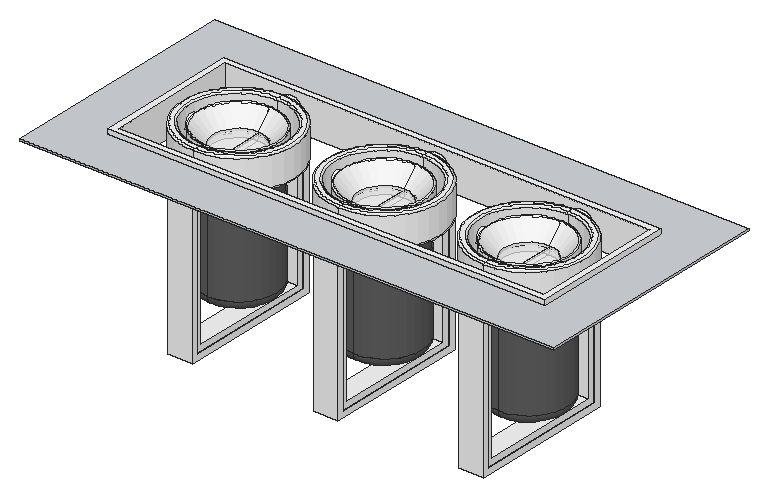
Revit family "Zaniboni-Diva-2_Inch_Aperture_40°-1", category Lighting Fixtures, host Face, Revit 2016
Family settings
  Host = Face
  Part Type = Normal
  Round Connector Dimension = Use Diameter
  Cut with Voids When Loaded = No
  Light Source = No
  Shared = No
  Room Calculation Point = No
Parameters (values of type "D1-D2TTN-0927A-2C-WS")
  Width = 2.99"
  Wattage Comments = "14W"
  Voltage = 120 V
  URL = "www.zanibonilighting.com"
  Type Comments = "Diva"  # constant formula
  Support Finish = ZBN - Metal Matte White
  Screen Finish = ZBN - Glass
  ST = RT  # yes
  SQ = RQ  # no
  SD = RD  # yes
  RT = yes
  RQ = no
  RD = yes
  Model = "D1-D2TTN-0927A-2C-WS"
  Mechanism Finish = ZBN - Plastic-Black
  Manufacturer = "Zaniboni"  # constant formula
  Length = 9"
  Keynote = "12500"
  Kelvin = "3000°K"
  Frame Finish = ZBN - Metal Matte White
  Diffuser Finish = ZBN - Metal Matte White
  Description = "2 inch 3 Light Sources Adjustable 40°"
  Default Elevation = 1"
  CRI = "80"
  Body Finish = ZBN - Metal Matte White
  Beam = "36°"
  Base Finish = ZBN - Metal Matte White
  Assembly Code = "E1020300"
Reference planes (in)
  plane 1 "Center (Front/Back)": y = 0
  plane 2: z = 0
  plane 3 "Center (Left/Right)": x = 0
  plane 4: x = 9
  plane 5: y = -2.99
  plane 6: x = 4.5
  plane 7: y = -1.495
Forms (in)
  Extrusion 1, void
    sketch origin (3.54686, -2.04724, 0) x (1, 0, 0) y (0, 1, 0)
      loop
        line (-3.54686, 2.04724) -> (-3.54686, -0.94276) -> (5.45314, -0.94276) -> (5.45314, 2.04724) -> (-3.54686, 2.04724)
    from -3.72047 to 0.5
  Extrusion 2, solid, material "ZBN - Metal Matte White" <- "Body Finish"
    sketch origin (2.99382, -1.49606, 0) x (1, 0, 0) y (0, 1, 0)
      loop
        line (-2.99382, 1.49606) -> (-2.99382, -1.49394) -> (6.00618, -1.49394) -> (6.00618, 1.49606) -> (-2.99382, 1.49606)
      loop
        line (5.88118, -1.36894) -> (5.88118, 1.37106) -> (-2.86882, 1.37106) -> (-2.86882, -1.36894) -> (5.88118, -1.36894)
    from -0.75 to 0
  Extrusion 3, solid
    sketch origin (0, 0, -0.86332) x (1, 0, 0) y (0, 1, 0)
      loop
        line (-1.00118, 1.00427) -> (-1.00118, -3.99427) -> (10.00118, -3.99427) -> (10.00118, 1.00427) -> (-1.00118, 1.00427)
      loop
        line (0, 0) -> (0, -2.99) -> (9, -2.99) -> (9, 0) -> (0, 0)
    from 0.74071 to 0.77271
Lines and regions (in)
  symbolic lines
    curve 1: line (0, 0, 0) -> (0, -2.99, 0)
    curve 2: line (9, 0, 0) -> (0, 0, 0)
    curve 3: line (9, -2.99, 0) -> (9, 0, 0)
    curve 4: line (0, -2.99, 0) -> (9, -2.99, 0)
    curve 5: line (0.125, -2.865, 0) -> (0.125, -0.125, 0)
    curve 6: line (0.125, -0.125, 0) -> (8.875, -0.125, 0)
    curve 7: line (8.875, -0.125, 0) -> (8.875, -2.865, 0)
    curve 8: line (8.875, -2.865, 0) -> (0.125, -2.865, 0)
  symbolic lines, style "LightingFixturesHiddenLines", detail levels fine
    curve 9: line (-1.00118, 1.00427, 0) -> (-1.00118, -3.99427, 0)
    curve 10: line (10.00118, 1.00427, 0) -> (-1.00118, 1.00427, 0)
    curve 11: line (10.00118, -3.99427, 0) -> (10.00118, 1.00427, 0)
    curve 12: line (-1.00118, -3.99427, 0) -> (10.00118, -3.99427, 0)
Dimensions and locks (in)
  locked: plane 3 "Center (Left/Right)" to Extrusion 2 sketch curve at 0.125
  locked: Extrusion 2 sketch curve to plane 4 at 0.125
  locked: Extrusion 2 sketch curve to plane 5 at 0.125
  locked: Extrusion 2 sketch curve to plane 1 "Center (Front/Back)" at 0.125
  "Length": plane 3 "Center (Left/Right)" to plane 4
  "Width": plane 5 to plane 1 "Center (Front/Back)"
  equal spacing: plane 3 "Center (Left/Right)", plane 6, plane 4
  equal spacing: plane 5, plane 7, plane 1 "Center (Front/Back)"
  locked: Extrusion 3 sketch curve to plane 3 "Center (Left/Right)" at 1.00118
  locked: plane 4 to Extrusion 3 sketch curve at 1.00118
  locked: plane 5 to Extrusion 3 sketch curve at 1.00427
  locked: plane 1 "Center (Front/Back)" to Extrusion 3 sketch curve at 1.00427
  aligned and locked: plane 2 to host face
  aligned and locked: level to host face
  aligned and locked: plane 3 "Center (Left/Right)" to Extrusion 2 sketch curve
  aligned and locked: plane 1 "Center (Front/Back)" to Extrusion 2 sketch curve
  aligned and locked: plane 4 to Extrusion 2 sketch curve
  aligned and locked: plane 5 to Extrusion 2 sketch curve
  aligned and locked: plane 3 "Center (Left/Right)" to Extrusion 1 sketch curve
  aligned and locked: Extrusion 1 sketch curve to plane 4
  aligned and locked: plane 1 "Center (Front/Back)" to Extrusion 1 sketch curve
  aligned and locked: plane 5 to Extrusion 1 sketch curve
  aligned and locked: plane 3 "Center (Left/Right)" to Extrusion 3 sketch curve
  aligned and locked: plane 1 "Center (Front/Back)" to Extrusion 3 sketch curve
  aligned and locked: plane 4 to Extrusion 3 sketch curve
  aligned and locked: plane 5 to Extrusion 3 sketch curve
  aligned and locked: curve 9 to Extrusion 3
  aligned and locked: curve 10 to Extrusion 3
  aligned and locked: curve 11 to Extrusion 3
  aligned and locked: curve 12 to Extrusion 3
Automatic sketch dimensions
  host sketch curve to host sketch curve = 16.05585"
  host sketch curve to host sketch curve = 9.00818"
  plane 1 "Center (Front/Back)" to curve 2 = 0"
  curve 2 to plane 3 "Center (Left/Right)" = 0"
  curve 3 to plane 4 = 0"
  curve 3 to plane 5 = 0"
  plane 3 "Center (Left/Right)" to curve 5 = 1/8"
  plane 4 to curve 7 = 1/8"
  plane 5 to curve 5 = 1/8"
  plane 1 "Center (Front/Back)" to curve 6 = 1/8"
Nested families (in)
  nested 1: "Diva 2T" at (1.49382, -1.49606, -20.96225), Voltage <- "Voltage", Frame Finish <- "Frame Finish", Mechanism Finish <- "Mechanism Finish", Screen Finish <- "Screen Finish", Support Finish <- "Support Finish", Diffuser Finish <- "Diffuser Finish", Base Finish <- "Base Finish", type "Diva 2"
    with Voltage 120 V, Support Finish ZBN - Metal Matte White, Support yes, Screen Finish ZBN - Glass, Mechanism Finish ZBN - Plastic-Black, Light yes, Frame Finish ZBN - Metal Matte White, Diffuser Finish ZBN - Metal Matte White, Base Finish ZBN - Metal Matte White
  nested 2: "Diva 2T" at (4.49382, -1.49606, -20.96225), Light <- "RD", Voltage <- "Voltage", Frame Finish <- "Frame Finish", Mechanism Finish <- "Mechanism Finish", Screen Finish <- "Screen Finish", Support Finish <- "Support Finish", Diffuser Finish <- "Diffuser Finish", visible <- "RD", Support <- "SD", Base Finish <- "Base Finish", type "Diva 2"
    with Voltage 120 V, Support Finish ZBN - Metal Matte White, Support yes, Screen Finish ZBN - Glass, Mechanism Finish ZBN - Plastic-Black, Light yes, Frame Finish ZBN - Metal Matte White, Diffuser Finish ZBN - Metal Matte White, Base Finish ZBN - Metal Matte White
  nested 3: "Diva 2T" at (7.48382, -1.49606, -20.96225) x (-1, 0, 0) z (0, 0, 1), Light <- "RT", Voltage <- "Voltage", Frame Finish <- "Frame Finish", Mechanism Finish <- "Mechanism Finish", Screen Finish <- "Screen Finish", Support Finish <- "Support Finish", Diffuser Finish <- "Diffuser Finish", visible <- "RT", Support <- "ST", Base Finish <- "Base Finish", type "Diva 2"
    with Voltage 120 V, Support Finish ZBN - Metal Matte White, Support yes, Screen Finish ZBN - Glass, Mechanism Finish ZBN - Plastic-Black, Light yes, Frame Finish ZBN - Metal Matte White, Diffuser Finish ZBN - Metal Matte White, Base Finish ZBN - Metal Matte White
Definition of nested family "Diva 2T"
  Parameters (values of type "Diva 2T")
    Wattage = 9.2903 W
    built-in parameter 1150110 = 1 (stored number, unit not read)
    Voltage [instance] = 0 V
    built-in parameter 1114217 = 1 (stored number, unit not read)
    Tilt Angle = 90.00°
    built-in parameter 1150109 = 1 (stored number, unit not read)
    built-in parameter 1150134 = 3
    built-in parameter 1150113 = 1 (stored number, unit not read)
    Support Finish [instance] = none
    Support [instance] = yes
    Screen Finish [instance] = none
    Photometric Web File = "generic"
    built-in parameter 1150142 = (empty or 0)
    Mechanism Finish [instance] = none
    built-in parameter 1150105 = 109.82 (stored number, unit not read)
    Lumens = 1380 lm
    built-in parameter 1150115 = 1 (stored number, unit not read)
    built-in parameter 1150137 = (empty or 0)
    built-in parameter 1150139 = (empty or 0)
    Light [instance] = yes
    built-in parameter 1150112 = 1 (stored number, unit not read)
    built-in parameter 1150114 = 1 (stored number, unit not read)
    built-in parameter 1150132 = (empty or 0)
    built-in parameter 1150102 = (empty or 0)
    built-in parameter 1150107 = 3200 (stored number, unit not read)
    built-in parameter 1150138 = (empty or 0)
    built-in parameter 1150106 = 1.0982 (stored number, unit not read)
    Frame Finish [instance] = none
    Emit from Circle Diameter = 3"
    Emit Shape Visible in Rendering = no
    built-in parameter 1150104 = 13.8 (stored number, unit not read)
    Dimming Lamp Color Temperature Shift = (empty or 0)
    Diffuser Finish [instance] = none
    Color Filter = 16777215
    Base Finish [instance] = none
    built-in parameter 1114218 = 1 (stored number, unit not read)
    built-in parameter 1150133 = 10 (stored number, unit not read)
  Reference planes (in)
    plane 1 "Center (Front/Back)": y = 0
    plane 2: z = 0
    plane 3 "Center (Left/Right)": x = 0
    plane 4: z = 20.96225
  Forms (in)
    Revolve 1, solid, material <- "Support Finish", visible <- "Light"
      sketch origin (0, 0, 0) x (0, 1, 0) y (0, 0, 1)
        loop
          arc (1.15372, 20.93025) -> (1.14435, 20.95288) -> (1.12172, 20.96225) r 0.032
          line (1.12172, 20.96225) -> (1.02685, 20.96225)
          arc (1.02685, 20.96225) -> (1.00504, 20.95322) -> (0.996, 20.9314) r 0.03085
          line (0.996, 20.9314) -> (0.996, 20.32364)
          arc (0.996, 20.32364) -> (1.00516, 20.30154) -> (1.02725, 20.29239) r 0.03125
          line (1.02725, 20.29239) -> (1.12247, 20.29239)
          arc (1.12247, 20.29239) -> (1.14457, 20.30154) -> (1.15372, 20.32364) r 0.03125
          line (1.15372, 20.32364) -> (1.15372, 20.93025)
        axis (0, 20.96225) -> (0, 20.29239)
      angle from 0 to 360
    Revolve 2, solid, material <- "Mechanism Finish", visible <- "Light"
      sketch origin (0, 0, 0) x (0, 1, 0) y (0, 0, 1)
        loop
          line (-0.75, 19.72482) -> (-0.78739, 19.72482) -> (-0.78739, 18.08035)
          arc (-0.78739, 18.08035) -> (-0.73284, 17.94865) -> (-0.60115, 17.8941) r 0.18624
          line (-0.60115, 17.8941) -> (0, 17.8941) -> (0, 20.06203) -> (-0.75, 20.06203) -> (-0.75, 19.72482)
        axis (0, 20.06203) -> (0, 17.8941)
      angle from 0 to 360
    Revolve 3, solid, material <- "Frame Finish", visible <- "Light"
      sketch origin (0, 0, 0) x (0, 1, 0) y (0, 0, 1)
        loop
          arc (0.83279, 20.86821) -> (0.82384, 20.8813) -> (0.80839, 20.87771) r 0.01405
          line (0.80839, 20.87771) -> (0.51248, 20.55537) -> (0.51248, 20.39203) -> (0, 20.39203) -> (0, 20.06203) -> (0.78764, 20.06203) -> (0.83279, 20.1861) -> (0.83279, 20.86821)
        axis (0, 20.87771) -> (0, 20.06203)
      angle from 0 to 360
    Revolve 4, solid, material <- "Screen Finish", visible <- "Light"
      sketch origin (0, 0, -0.0433) x (0, 1, 0) y (0, 0, 1)
        loop
          line (0, 20.55537) -> (-0.51248, 20.55537) -> (-0.51248, 20.52337) -> (0, 20.52337) -> (0, 20.55537)
        axis (0, 20.55537) -> (0, 20.516)
      angle from 0 to 360
    Extrusion 5, solid, material <- "Support Finish", visible <- "Light"
      sketch origin (0, 0, 0) x (0, 1, 0) y (0, 0, 1)
        loop
          circle (0, 20.63237) r 0.15625
      from -1.0793 to -0.7999
    Extrusion 6, solid, material <- "Support Finish", visible <- "Light"
      sketch origin (0, 0, 0) x (0, 1, 0) y (0, 0, -1)
        loop
          circle (0, -20.63237) r 0.15625
      from -1.0793 to -0.7999
    Extrusion 7, solid, material <- "Support Finish", visible <- "Light"
      sketch origin (0, 0, 0) x (1, 0, 0) y (0, 0, 1)
        loop
          circle (0, 20.63237) r 0.15625
      from -1.366 to -1.11932
    Extrusion 8, solid, material <- "Support Finish", visible <- "Light"
      sketch origin (0, 0, 0) x (1, 0, 0) y (0, 0, -1)
        loop
          circle (0, -20.63237) r 0.15625
      from -1.366 to -1.11932
    Extrusion 9, solid, material <- "Mechanism Finish", visible <- "Light"
      sketch origin (0, 0, 9.9039) x (1, 0, 0) y (0, 1, 0)
        loop
          circle (0, 0) r 0.12463
      from 7.9277 to 7.9902
    Extrusion 10, solid, material <- "Support Finish", visible <- "Support"
      sketch origin (0, 0, 0) x (1, 0, 0) y (0, 0, 1)
        loop
          line (-0.21654, 20.6341) -> (-0.21654, 17.35989) -> (0.21654, 17.35989) -> (0.21654, 20.6341)
          arc (0.21654, 20.6341) -> (0, 20.85063) -> (-0.21654, 20.6341) r 0.21654
      from 1.25773 to 1.366
    Extrusion 11, solid, material <- "Support Finish", visible <- "Support"
      sketch origin (0, 2.62373, 0) x (1, 0, 0) y (0, 0, 1)
        loop
          line (-0.21654, 20.6341) -> (-0.21654, 17.35989) -> (0.21654, 17.35989) -> (0.21654, 20.6341)
          arc (0.21654, 20.6341) -> (0, 20.85063) -> (-0.21654, 20.6341) r 0.21654
      from 1.25773 to 1.366
    Extrusion 12, solid, material <- "Support Finish", visible <- "Support"
      sketch origin (0, 0, -0.78678) x (1, 0, 0) y (0, 0, 1)
        loop
          line (-0.21654, 18.14667) -> (0.21654, 18.14667) -> (0.21654, 18.25494) -> (-0.21654, 18.25494) -> (-0.21654, 18.14667)
      from -1.25773 to 1.25773
    Revolve 13, solid, material <- "Diffuser Finish", visible <- "Light"
      sketch origin (0, 0, 0) x (0, 1, 0) y (0, 0, 1)
        loop
          line (0, 19.89266) -> (-0.24332, 19.89266)
          arc (-0.24332, 19.89266) -> (-0.26669, 19.89684) -> (-0.28717, 19.90885) r 0.06747
          arc (-0.28717, 19.90885) -> (-0.48629, 20.16517) -> (-0.56809, 20.47927) r 0.80551
          arc (-0.56809, 20.47927) -> (-0.50578, 20.15236) -> (-0.30748, 19.8851) r 0.74583
          arc (-0.30748, 19.8851) -> (-0.27751, 19.86752) -> (-0.24332, 19.86141) r 0.09872
          line (-0.24332, 19.86141) -> (0, 19.86141) -> (0, 19.89266)
        axis (0, 20.47927) -> (0, 19.86141)
      angle from 0 to 360
    Extrusion 14, solid, material <- "Base Finish", visible <- "Support"
      sketch origin (8.79327, 0, 0) x (0, 1, 0) y (0, 0, 1)
        loop
          line (1.49606, 20.21225) -> (1.37795, 20.21225) -> (1.37795, 17.35989) -> (-1.37795, 17.35989) -> (-1.37795, 20.21225) -> (-1.49606, 20.21225) -> (-1.49606, 17.24178) -> (1.49606, 17.24178) -> (1.49606, 20.21225)
      from -9.04917 to -8.53736
  Cuts and joins
    joined: Extrusion 10, Extrusion 11, Extrusion 12
  Lines and regions (in)
    symbolic lines, visible <- "Light", detail levels fine
      curve 1: circle (0, 0, 0) r 1.15231 normal (0, 0, 1)
      curve 2: circle (0, 0, 0) r 1 normal (0, 0, 1)
      curve 3: circle (0, 0, 0) r 0.83279 normal (0, 0, 1)
      curve 4: circle (0, 0, 0) r 0.51248 normal (0, 0, 1)
  Dimensions and locks (in)
    aligned and locked: plane 2 to level
  Connectors (in)
    electrical at (0, 0, 17.8316), driven by "Voltage"
      settings: on Extrusion 9, index 1, voltage 0 V, apparent load 0 VA, apparent load phase1 0 VA, apparent load phase2 0 VA, apparent load phase3 0 VA, power factor 1, load classification none, number of poles 1, system type 31, power factor state 1, is connector primary yes, connector utility no, sub classification motor no, connector description ""
